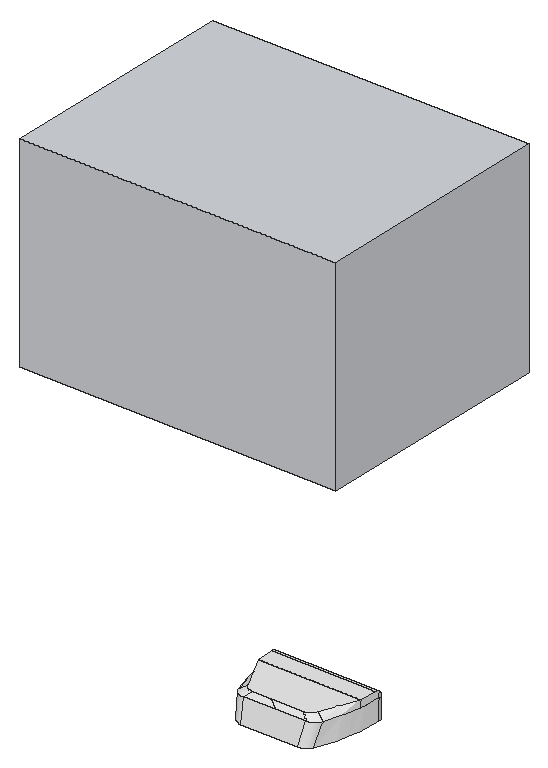
Revit family
Parameters
  Warranty Duration (Years) = 0
  Unit Width [instance] = 1' - 8 177/256"
  Unit Height [instance] = 0' - 9 99/256"
  Unit Depth = 0' - 0"
  URL = "http://www.americanspecialties.com/viewCategories.cfm"
  Trim Material = Plastic - White
  Test Data = ""
  Specification = "http://www.arcat.com/sdspecs/htm/10810asi.htm"
  SpecWizard = ""
  Body Material = Plastic - White
  Send Message = "http://www.arcat.com/users.pl?action=UserEmail&company=American%20Specialties,%20Inc.&coid=30448&rep=139&fax=914-476-0688&mf="
  Sales Information = "http://www.americanspecialties.com/contact"
  Revision = "R1_10-2010"
  Product Properties = "http://www.americanspecialties.com/datasheets/01951.pdf"
  Product Data = "http://www.arcat.com/arcatcos/cos30/arc30448.html"
  Model = "As Specified in 10 28 13"
  Manufacturer Website = "http://www.americanspecialties.com/viewCategories.cfm"
  Manufacturer Phone - Toll Free = ""
  Manufacturer Phone = "914-476-9000 "
  Manufacturer Fax = "914-476-0688"
  Manufacturer Address = "441 Saw Mill River Rd., Yonkers, NY 10701"
  Manufacturer = "American Specialties, Inc."
  Maintenance Schedule (Months) = 0
  Keynote = "10 28 13"
  Installation-Fabrication = "http://www.americanspecialties.com/products.cfm"
  Green Building-LEED = ""
  Expected Lifespan (Years) = 0
  Drawn By = "Robert S. Weygant. CSI, CDT, SCIP"  # constant formula
  Description = "Toilet Accessory as Specified in 10 28 13"
  Default Elevation = 4' - 0"
  Copyright = "©Arcat Inc."
  Construction Details = "http://www.arcat.com/green/clients/leed_data_30448.html"
  Building Codes = "http://www.americanspecialties.com/products.cfm"
  Assembly Code = "C1030210"
Reference planes (in)
  plane 1 "Center (Front/Back)": y = -1.53715
  plane 2 "Floor Line": z = 0
  plane 3 "Center (Left/Right)": x = -2.54325
  plane 4: z = 52.69336
  plane 5: z = 48
  plane 6: z = 57.38672
  plane 7: x = -10.04325
  plane 8: x = 4.95675
  plane 9: z = 3
  plane 10: z = 4
Forms (in)
  Extrusion 1, solid
    sketch origin (-5.86969, -9, -6) x (0, 0, -1) y (1, 0, 0)
      loop
        line (-82, 26) -> (-82, -19.34712) -> (-52.62835, -19.34712) -> (-52.62835, 26) -> (-82, 26)
    from 9 to -25.60721
  SweptBlend 2, solid, material "Plastic - White" <- "Body Material"
    path origin (-2.54325, 0.90248, -4.33524) x (0, 1, 0) y (0, 0, 1)
      loop
        line (4.78918, 7.33524) -> (4.78918, 8.83524)
    profile origin (-2.54325, 5.69166, 3) x (0, -1, 0) y (1, 0, 0)
      loop
        line (6.32634, 0) -> (6.32634, 4.44564)
        arc (6.32634, 4.44564) -> (6.02068, 5.42404) -> (5.21243, 6.05445) r 1.71875
        arc (5.21243, 6.05445) -> (2.63587, 6.85138) -> (-0.01722, 7.33604) r 22.62407
        line (-0.01722, 7.33604) -> (-0.01722, -7.33604)
        arc (-0.01722, -7.33604) -> (2.63587, -6.85138) -> (5.21243, -6.05445) r 22.62407
        arc (5.21243, -6.05445) -> (6.02068, -5.42404) -> (6.32634, -4.44564) r 1.71875
        line (6.32634, -4.44564) -> (6.32634, 0)
    end profile origin (-2.54325, 5.69166, 4.5) x (0, -1, 0) y (1, 0, 0)
      loop
        line (4.87419, -2.57962) -> (4.87419, 2.57962)
        arc (4.87419, 2.57962) -> (4.71389, 3.28589) -> (4.26439, 3.85374) r 1.63597
        line (4.26439, 3.85374) -> (-0.01722, 7.30209) -> (-0.01722, -7.30209) -> (4.26439, -3.85374)
        arc (4.26439, -3.85374) -> (4.71389, -3.28589) -> (4.87419, -2.57962) r 1.63597
  Extrusion 3, solid, material "Plastic - White" <- "Body Material"
    sketch origin (0, 0, 0) x (1, 0, 0) y (0, 1, 0)
      loop
        arc (-9.03133, 9.70888) -> (-9.74266, 9.4167) -> (-10.04325, 8.70888) r 1.01199
        arc (-10.04325, 8.70888) -> (-10.01113, 7.20616) -> (-9.87929, 5.70888) r 22.62407
        line (-9.87929, 5.70888) -> (4.79279, 5.70888)
        arc (4.79279, 5.70888) -> (4.92463, 7.20616) -> (4.95675, 8.70888) r 22.62407
        arc (4.95675, 8.70888) -> (4.65616, 9.4167) -> (3.94483, 9.70888) r 1.01199
        line (3.94483, 9.70888) -> (-9.03133, 9.70888)
    from 3 to 4.49021
  SweptBlend 4, solid, material "Plastic - White" <- "Body Material"
    path origin (-2.54325, 0, 0) x (0, 1, 0) y (0, 0, 1)
      loop
        line (5.70888, 0) -> (5.70888, 3)
    profile origin (-2.54325, 5.70888, 0) x (0, -1, 0) y (1, 0, 0)
      loop
        line (-4, 6.48808) -> (-4, -6.48808)
        arc (-4, -6.48808) -> (-3.70782, -7.19941) -> (-3, -7.5) r 1.01199
        arc (-3, -7.5) -> (1.77292, -7.04856) -> (6.34356, -5.60153) r 22.62407
        arc (6.34356, -5.60153) -> (7.00329, -4.96924) -> (7.24604, -4.08827) r 1.71994
        line (7.24604, -4.08827) -> (7.24604, 4.08827)
        arc (7.24604, 4.08827) -> (7.00329, 4.96924) -> (6.34356, 5.60153) r 1.71994
        arc (6.34356, 5.60153) -> (1.77292, 7.04856) -> (-3, 7.5) r 22.62407
        arc (-3, 7.5) -> (-3.70782, 7.19941) -> (-4, 6.48808) r 1.01199
    end profile origin (-2.54325, 5.70888, 3) x (0, -1, 0) y (1, 0, 0)
      loop
        line (-4, 6.48808) -> (-4, -6.48808)
        arc (-4, -6.48808) -> (-3.70782, -7.19941) -> (-3, -7.5) r 1.01199
        arc (-3, -7.5) -> (1.18214, -7.16045) -> (5.22965, -6.05445) r 22.62407
        arc (5.22965, -6.05445) -> (6.0379, -5.42404) -> (6.34356, -4.44564) r 1.71875
        line (6.34356, -4.44564) -> (6.34356, 4.44564)
        arc (6.34356, 4.44564) -> (6.0379, 5.42404) -> (5.22965, 6.05445) r 1.71875
        arc (5.22965, 6.05445) -> (1.18214, 7.16045) -> (-3, 7.5) r 22.62407
        arc (-3, 7.5) -> (-3.70782, 7.19941) -> (-4, 6.48808) r 1.01199
  Extrusion 5, void
    sketch origin (-2.54325, 0, 0) x (0, 1, 0) y (0, 0, 1)
      loop
        line (9.70888, 0) -> (10.1997, 0) -> (10.1997, 4.60774) -> (0.867, 4.60774) -> (-0.08814, 3.65261) -> (5.70888, 4) -> (8.16448, 4)
        arc (8.16448, 4) -> (8.80726, 3.76604) -> (9.14928, 3.17365) r 1
        line (9.14928, 3.17365) -> (9.70888, 0)
    from -16.82444 to 12
Cuts and joins
  Extrusion 5 cuts SweptBlend 2
  Extrusion 5 cuts Extrusion 3
  Extrusion 5 cuts SweptBlend 4
  joined: Extrusion 3, SweptBlend 4
Dimensions and locks (in)
  equal spacing: plane 6, plane 4, plane 5
  "Unit Height": plane 6 to plane 5
  "Default Elevation": plane 5 to plane 2 "Floor Line"
  aligned and locked: Extrusion 3 to SweptBlend 2
Automatic sketch dimensions
  Extrusion 1 sketch curve to Extrusion 1 sketch curve = 2' - 5.37165"
  Extrusion 1 sketch curve to Extrusion 1 sketch curve = 3' - 9.34712"
  SweptBlend 2 sketch curve to SweptBlend 2 sketch curve = 0' - 1 1/2"
  level to SweptBlend 2 sketch curve = 0' - 3"
  SweptBlend 2 sketch curve to plane 3 "Center (Left/Right)" = 0' - 0"
  profile plane to SweptBlend 2 sketch curve = 0' - 0.01722"  (x2)
  SweptBlend 2 sketch curve to profile plane = 0' - 4.60759"
  SweptBlend 2 sketch curve to SweptBlend 2 sketch curve = 0' - 5.22965"
  SweptBlend 2 sketch curve to SweptBlend 2 sketch curve = 0' - 0"
  SweptBlend 2 sketch curve to SweptBlend 2 sketch curve = 0' - 1 23/32"
  SweptBlend 2 sketch curve to SweptBlend 2 sketch curve = 0' - 0.60484"
  SweptBlend 4 sketch curve to level = 0' - 0"
  SweptBlend 4 sketch curve to plane 9 = 0' - 0"
  SweptBlend 4 sketch curve to SweptBlend 4 sketch curve = 0' - 1.71994"
  SweptBlend 4 sketch curve to SweptBlend 4 sketch curve = 0' - 0.81746"  (x2)
  plane 3 "Center (Left/Right)" to SweptBlend 4 sketch curve = 0' - 4.08827"
  profile plane to SweptBlend 4 sketch curve = 0' - 2.73189"  (x2)
  SweptBlend 4 sketch curve to SweptBlend 4 sketch curve = 0' - 1"  (x3)
  SweptBlend 4 sketch curve to SweptBlend 4 sketch curve = 0' - 0"  (x5)
  SweptBlend 4 sketch curve to SweptBlend 4 sketch curve = 0' - 0.01199"  (x4)
  SweptBlend 4 sketch curve to plane 3 "Center (Left/Right)" = 0' - 6.05445"
  SweptBlend 4 sketch curve to SweptBlend 4 sketch curve = 0' - 0.60484"  (x2)
  SweptBlend 4 sketch curve to SweptBlend 4 sketch curve = 0' - 1.11391"  (x2)
  plane 3 "Center (Left/Right)" to SweptBlend 4 sketch curve = 0' - 4.44564"
  SweptBlend 4 sketch curve to SweptBlend 4 sketch curve = 0' - 1.60881"
  SweptBlend 4 sketch curve to plane 3 "Center (Left/Right)" = 0' - 6.48808"
  profile plane to SweptBlend 4 sketch curve = 0' - 2.98801"
  SweptBlend 4 sketch curve to profile plane = 0' - 5.5261"
  SweptBlend 4 sketch curve to plane 3 "Center (Left/Right)" = 0' - 7 1/2"
  Extrusion 3 sketch curve to plane 7 = 0' - 0"  (x2)
  Extrusion 3 sketch curve to plane 8 = 0' - 0"  (x2)
  Extrusion 3 sketch curve to plane 7 = 0' - 7.62248"
  Extrusion 3 sketch curve to Extrusion 3 sketch curve = 0' - 0.16396"  (x2)
  SweptBlend 2 sketch curve to profile plane = 0' - 3.23823"  (x2)
  SweptBlend 2 sketch curve to SweptBlend 2 sketch curve = 0' - 1.02616"  (x2)
  SweptBlend 2 sketch curve to SweptBlend 2 sketch curve = 0' - 0.60981"
  SweptBlend 2 sketch curve to plane 3 "Center (Left/Right)" = 0' - 7.30209"
  SweptBlend 2 sketch curve to plane 3 "Center (Left/Right)" = 0' - 3.85374"
  plane 3 "Center (Left/Right)" to SweptBlend 2 sketch curve = 0' - 2.57962"
  SweptBlend 2 sketch curve to SweptBlend 2 sketch curve = 0' - 3.44836"
  Extrusion 5 sketch curve to plane 10 = 0' - 0"
  Extrusion 5 sketch curve to plane 9 = 0' - 0"
  Extrusion 5 sketch curve to level = 0' - 0"
  plane 9 to Extrusion 5 sketch curve = 0' - 0.17365"
  Extrusion 5 sketch curve to Extrusion 5 sketch curve = 0' - 2.45559"
  plane 10 to Extrusion 5 sketch curve = 0' - 0.60774"
  Extrusion 5 sketch curve to plane 1 "Center (Front/Back)" = 0' - 2.40415"
  Extrusion 5 sketch curve to Extrusion 5 sketch curve = 0' - 0.95514"
  Extrusion 5 sketch curve to plane 10 = 0' - 0.34739"
  plane 7 to Extrusion 3 sketch curve = 0' - 1.01192"
  Extrusion 3 sketch curve to plane 8 = 0' - 1.01192"
  plane 8 to Extrusion 3 sketch curve = 0' - 7.62248"
  SweptBlend 2 sketch curve to plane 1 "Center (Front/Back)" = 0' - 7.22882"
  Extrusion 3 sketch curve to plane 1 "Center (Front/Back)" = 0' - 7.24604"
  Extrusion 3 sketch curve to Extrusion 3 sketch curve = 0' - 2.73189"
  SweptBlend 4 sketch curve to plane 1 "Center (Front/Back)" = 0' - 7.24604"
  Extrusion 5 sketch curve to Extrusion 5 sketch curve = 0' - 4.84189"
  Extrusion 5 sketch curve to Extrusion 5 sketch curve = 0' - 0.5596"
  Extrusion 5 sketch curve to Extrusion 5 sketch curve = 0' - 1.05041"
